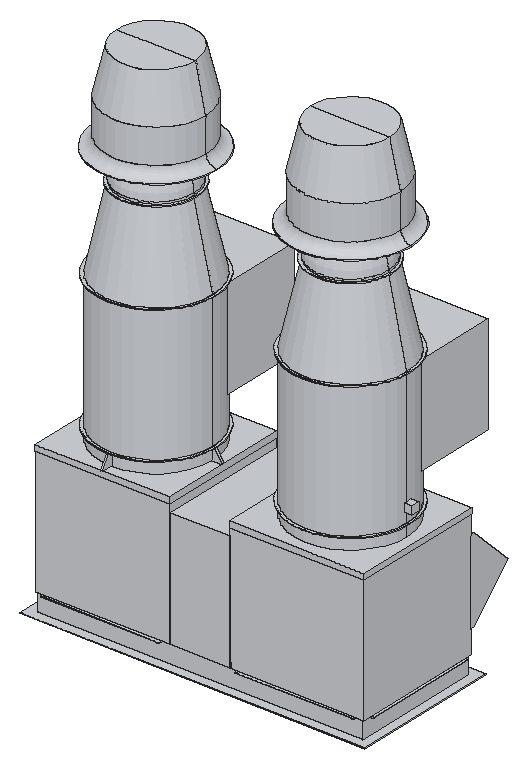
Revit family "QMXVP_with_1X2_Mixing_Box_Sides", category Mechanical Equipment, Revit 2019 (continued)
Types (225): name | UNIT_RADIUS+4" | UNIT_RADIUS*.6 | UNIT_RADIUS | UNIT_RAD+((A/2)+.25")+4" | UNIT_RAD+((A/2)+.25") | UNIT_OD | UNIT_HEIGHT*.75 | UNIT_HEIGHT | TYPE | TRANSITION_TOP | RO2/2 | RO/2 | RO | NOZZLE_WB_RAD-2" | NOZZLE_WB_RAD | NOZZLE_WB/4 | NOZZLE_TOP_RAD | NOZZLE_TOP_OD | NOZZLE_SIZE | NOZZLE_HEIGHT/7*2 | NOZZLE_HEIGHT | NOZZLE_BOTTOM_RAD | NOZZLE_WB_OD | NOZZLE_BOTTOM_ID | MB_HT/2 | MB_HT-2.75" | MB_HT+.25" | MB_HT | MB_A | LONG_RO | GA | E | DUAL_G | DUAL_F+1" | DUAL_F | C/2 | C | B/2 | B | A/2 | A+.5 | A | Type Comments | Model | -A | (NOZZLE_WB_OD-NOZZLE_TOP_OD)/2 | (NOZZLE_HEIGHT-(NOZZLE_HEIGHT/8*2))/2 | (A/2)+.25"
  180_QMXHPVP-15H-1X2_Mixing_Box_Sides | 16 13/16" | 11 17/32" | 12 13/16" | 34 1/16" | 30 1/16" | 25 5/8" | 26 1/4" | 35" | 12" | 51 1/8" | 13 15/32" | 13 15/32" | 26 15/16" | 16" | 18" | 7.2" | 11 1/2" | 23" | 180" | 10 3/4" | 43" | 10 11/16" | 36" | 21 3/8" | 18 27/32" | 34 15/16" | 37 15/16" | 37 11/16" | 44" | 77 1/16" | 27/256" | 33 1/8" | 83 5/16" | 85" | 84" | 23" | 46" | 49" | 98" | 17" | 34 1/2" | 34" | "Vari-Plume Laboratory Exhaust Mixed-Flow High Pressure Inline Belt Drive With 1X2 Mixing Box With Weather Hoods On Sides\r\n" | "QMXHPVP-1X2_Mixing Box_Sides" | -34" | 3 1/4" | 16 1/8" | 17 1/4"
  180_QMXHPVP-15L-1X2_Mixing_Box_Sides | 16 13/16" | 11 17/32" | 12 13/16" | 34 1/16" | 30 1/16" | 25 5/8" | 26 1/4" | 35" | 12" | 51 1/8" | 13 15/32" | 13 15/32" | 26 15/16" | 16" | 18" | 7.2" | 11 1/2" | 23" | 180" | 10 3/4" | 43" | 10 11/16" | 36" | 21 3/8" | 18 27/32" | 34 15/16" | 37 15/16" | 37 11/16" | 44" | 77 1/16" | 27/256" | 33 1/8" | 83 5/16" | 85" | 84" | 23" | 46" | 49" | 98" | 17" | 34 1/2" | 34" | "Vari-Plume Laboratory Exhaust Mixed-Flow High Pressure Inline Belt Drive With 1X2 Mixing Box With Weather Hoods On Sides\r\n" | "QMXHPVP-1X2_Mixing Box_Sides" | -34" | 3 1/4" | 16 1/8" | 17 1/4"
  180_QMXHPVP-18H-1X2_Mixing_Box_Sides | 16 13/16" | 11 17/32" | 12 13/16" | 34 1/16" | 30 1/16" | 25 5/8" | 26 1/4" | 35" | 12" | 48 1/2" | 13 15/32" | 13 15/32" | 26 15/16" | 19 1/2" | 21 1/2" | 8.6" | 13 3/4" | 27 1/2" | 216" | 12" | 48" | 12 13/16" | 43" | 25 5/8" | 18 27/32" | 34 15/16" | 37 15/16" | 37 11/16" | 44" | 77 1/16" | 27/256" | 33 1/8" | 83 5/16" | 85" | 84" | 23" | 46" | 49" | 98" | 17" | 34 1/2" | 34" | "Vari-Plume Laboratory Exhaust Mixed-Flow High Pressure Inline Belt Drive With 1X2 Mixing Box With Weather Hoods On Sides\r\n" | "QMXHPVP-1X2_Mixing Box_Sides" | -34" | 3 7/8" | 18" | 17 1/4"
  180_QMXHPVP-18L-1X2_Mixing_Box_Sides | 16 13/16" | 11 17/32" | 12 13/16" | 34 1/16" | 30 1/16" | 25 5/8" | 26 1/4" | 35" | 12" | 48 1/2" | 13 15/32" | 13 15/32" | 26 15/16" | 19 1/2" | 21 1/2" | 8.6" | 13 3/4" | 27 1/2" | 216" | 12" | 48" | 12 13/16" | 43" | 25 5/8" | 18 27/32" | 34 15/16" | 37 15/16" | 37 11/16" | 44" | 77 1/16" | 27/256" | 33 1/8" | 83 5/16" | 85" | 84" | 23" | 46" | 49" | 98" | 17" | 34 1/2" | 34" | "Vari-Plume Laboratory Exhaust Mixed-Flow High Pressure Inline Belt Drive With 1X2 Mixing Box With Weather Hoods On Sides\r\n" | "QMXHPVP-1X2_Mixing Box_Sides" | -34" | 3 7/8" | 18" | 17 1/4"
  202_QMXHPVP-12H-1X2_Mixing_Box_Sides | 18 3/8" | 12 15/16" | 14 3/8" | 37 5/8" | 33 5/8" | 28 3/4" | 28 1/8" | 37 1/2" | 12" | 67 9/16" | 15 3/8" | 15 3/8" | 30 3/4" | 12" | 14" | 5.6" | 9 3/4" | 19 1/2" | 144" | 8" | 32" | 8 17/32" | 28" | 17 1/16" | 20 19/32" | 38 7/16" | 41 7/16" | 41 3/16" | 49" | 82 7/8" | 27/256" | 36 15/16" | 89 1/8" | 91" | 90" | 25" | 50" | 52" | 104" | 19" | 38 1/2" | 38" | "Vari-Plume Laboratory Exhaust Mixed-Flow High Pressure Inline Belt Drive With 1X2 Mixing Box With Weather Hoods On Sides\r\n" | "QMXHPVP-1X2_Mixing Box_Sides" | -38" | 2 1/8" | 12" | 19 1/4"
  202_QMXHPVP-12L-1X2_Mixing_Box_Sides | 18 3/8" | 12 15/16" | 14 3/8" | 37 5/8" | 33 5/8" | 28 3/4" | 28 1/8" | 37 1/2" | 12" | 67 9/16" | 15 3/8" | 15 3/8" | 30 3/4" | 12" | 14" | 5.6" | 9 3/4" | 19 1/2" | 144" | 8" | 32" | 8 17/32" | 28" | 17 1/16" | 20 19/32" | 38 7/16" | 41 7/16" | 41 3/16" | 49" | 82 7/8" | 27/256" | 36 15/16" | 89 1/8" | 91" | 90" | 25" | 50" | 52" | 104" | 19" | 38 1/2" | 38" | "Vari-Plume Laboratory Exhaust Mixed-Flow High Pressure Inline Belt Drive With 1X2 Mixing Box With Weather Hoods On Sides\r\n" | "QMXHPVP-1X2_Mixing Box_Sides" | -38" | 2 1/8" | 12" | 19 1/4"
  202_QMXHPVP-15H-1X2_Mixing_Box_Sides | 18 3/8" | 12 15/16" | 14 3/8" | 37 5/8" | 33 5/8" | 28 3/4" | 28 1/8" | 37 1/2" | 12" | 59 5/8" | 15 3/8" | 15 3/8" | 30 3/4" | 16" | 18" | 7.2" | 11 1/2" | 23" | 180" | 10 3/4" | 43" | 10 11/16" | 36" | 21 3/8" | 20 19/32" | 38 7/16" | 41 7/16" | 41 3/16" | 49" | 82 7/8" | 27/256" | 36 15/16" | 89 1/8" | 91" | 90" | 25" | 50" | 52" | 104" | 19" | 38 1/2" | 38" | "Vari-Plume Laboratory Exhaust Mixed-Flow High Pressure Inline Belt Drive With 1X2 Mixing Box With Weather Hoods On Sides\r\n" | "QMXHPVP-1X2_Mixing Box_Sides" | -38" | 3 1/4" | 16 1/8" | 19 1/4"
  202_QMXHPVP-15L-1X2_Mixing_Box_Sides | 18 3/8" | 12 15/16" | 14 3/8" | 37 5/8" | 33 5/8" | 28 3/4" | 28 1/8" | 37 1/2" | 12" | 59 5/8" | 15 3/8" | 15 3/8" | 30 3/4" | 16" | 18" | 7.2" | 11 1/2" | 23" | 180" | 10 3/4" | 43" | 10 11/16" | 36" | 21 3/8" | 20 19/32" | 38 7/16" | 41 7/16" | 41 3/16" | 49" | 82 7/8" | 27/256" | 36 15/16" | 89 1/8" | 91" | 90" | 25" | 50" | 52" | 104" | 19" | 38 1/2" | 38" | "Vari-Plume Laboratory Exhaust Mixed-Flow High Pressure Inline Belt Drive With 1X2 Mixing Box With Weather Hoods On Sides\r\n" | "QMXHPVP-1X2_Mixing Box_Sides" | -38" | 3 1/4" | 16 1/8" | 19 1/4"
  202_QMXHPVP-18H-1X2_Mixing_Box_Sides | 18 3/8" | 12 15/16" | 14 3/8" | 37 5/8" | 33 5/8" | 28 3/4" | 28 1/8" | 37 1/2" | 12" | 51 5/8" | 15 3/8" | 15 3/8" | 30 3/4" | 19 1/2" | 21 1/2" | 8.6" | 13 3/4" | 27 1/2" | 216" | 12" | 48" | 12 13/16" | 43" | 25 5/8" | 20 19/32" | 38 7/16" | 41 7/16" | 41 3/16" | 49" | 82 7/8" | 27/256" | 36 15/16" | 89 1/8" | 91" | 90" | 25" | 50" | 52" | 104" | 19" | 38 1/2" | 38" | "Vari-Plume Laboratory Exhaust Mixed-Flow High Pressure Inline Belt Drive With 1X2 Mixing Box With Weather Hoods On Sides\r\n" | "QMXHPVP-1X2_Mixing Box_Sides" | -38" | 3 7/8" | 18" | 19 1/4"
  202_QMXHPVP-18L-1X2_Mixing_Box_Sides | 18 3/8" | 12 15/16" | 14 3/8" | 37 5/8" | 33 5/8" | 28 3/4" | 28 1/8" | 37 1/2" | 12" | 51 5/8" | 15 3/8" | 15 3/8" | 30 3/4" | 19 1/2" | 21 1/2" | 8.6" | 13 3/4" | 27 1/2" | 216" | 12" | 48" | 12 13/16" | 43" | 25 5/8" | 20 19/32" | 38 7/16" | 41 7/16" | 41 3/16" | 49" | 82 7/8" | 27/256" | 36 15/16" | 89 1/8" | 91" | 90" | 25" | 50" | 52" | 104" | 19" | 38 1/2" | 38" | "Vari-Plume Laboratory Exhaust Mixed-Flow High Pressure Inline Belt Drive With 1X2 Mixing Box With Weather Hoods On Sides\r\n" | "QMXHPVP-1X2_Mixing Box_Sides" | -38" | 3 7/8" | 18" | 19 1/4"
  225_QMXHPVP-12H-1X2_Mixing_Box_Sides | 19 31/32" | 14.37188" | 15 31/32" | 41 7/32" | 37 7/32" | 31 15/16" | 30 3/4" | 41" | 12" | 77 1/16" | 17 3/8" | 17 3/8" | 34 3/4" | 12" | 14" | 5.6" | 9 3/4" | 19 1/2" | 144" | 8" | 32" | 8 17/32" | 28" | 17 1/16" | 21 19/32" | 40 7/16" | 43 7/16" | 43 3/16" | 54" | 85 7/8" | 27/256" | 40 15/16" | 92 1/8" | 94" | 93" | 28" | 56" | 56 1/2" | 113" | 21" | 42 1/2" | 42" | "Vari-Plume Laboratory Exhaust Mixed-Flow High Pressure Inline Belt Drive With 1X2 Mixing Box With Weather Hoods On Sides\r\n" | "QMXHPVP-1X2_Mixing Box_Sides" | -42" | 2 1/8" | 12" | 21 1/4"
  225_QMXHPVP-12L-1X2_Mixing_Box_Sides | 19 31/32" | 14.37188" | 15 31/32" | 41 7/32" | 37 7/32" | 31 15/16" | 30 3/4" | 41" | 12" | 77 1/16" | 17 3/8" | 17 3/8" | 34 3/4" | 12" | 14" | 5.6" | 9 3/4" | 19 1/2" | 144" | 8" | 32" | 8 17/32" | 28" | 17 1/16" | 21 19/32" | 40 7/16" | 43 7/16" | 43 3/16" | 54" | 85 7/8" | 27/256" | 40 15/16" | 92 1/8" | 94" | 93" | 28" | 56" | 56 1/2" | 113" | 21" | 42 1/2" | 42" | "Vari-Plume Laboratory Exhaust Mixed-Flow High Pressure Inline Belt Drive With 1X2 Mixing Box With Weather Hoods On Sides\r\n" | "QMXHPVP-1X2_Mixing Box_Sides" | -42" | 2 1/8" | 12" | 21 1/4"
  225_QMXHPVP-15H-1X2_Mixing_Box_Sides | 19 31/32" | 14.37188" | 15 31/32" | 41 7/32" | 37 7/32" | 31 15/16" | 30 3/4" | 41" | 12" | 69 1/8" | 17 3/8" | 17 3/8" | 34 3/4" | 16" | 18" | 7.2" | 11 1/2" | 23" | 180" | 10 3/4" | 43" | 10 11/16" | 36" | 21 3/8" | 21 19/32" | 40 7/16" | 43 7/16" | 43 3/16" | 54" | 85 7/8" | 27/256" | 40 15/16" | 92 1/8" | 94" | 93" | 28" | 56" | 56 1/2" | 113" | 21" | 42 1/2" | 42" | "Vari-Plume Laboratory Exhaust Mixed-Flow High Pressure Inline Belt Drive With 1X2 Mixing Box With Weather Hoods On Sides\r\n" | "QMXHPVP-1X2_Mixing Box_Sides" | -42" | 3 1/4" | 16 1/8" | 21 1/4"
  225_QMXHPVP-15L-1X2_Mixing_Box_Sides | 19 31/32" | 14.37188" | 15 31/32" | 41 7/32" | 37 7/32" | 31 15/16" | 30 3/4" | 41" | 12" | 69 1/8" | 17 3/8" | 17 3/8" | 34 3/4" | 16" | 18" | 7.2" | 11 1/2" | 23" | 180" | 10 3/4" | 43" | 10 11/16" | 36" | 21 3/8" | 21 19/32" | 40 7/16" | 43 7/16" | 43 3/16" | 54" | 85 7/8" | 27/256" | 40 15/16" | 92 1/8" | 94" | 93" | 28" | 56" | 56 1/2" | 113" | 21" | 42 1/2" | 42" | "Vari-Plume Laboratory Exhaust Mixed-Flow High Pressure Inline Belt Drive With 1X2 Mixing Box With Weather Hoods On Sides\r\n" | "QMXHPVP-1X2_Mixing Box_Sides" | -42" | 3 1/4" | 16 1/8" | 21 1/4"
  225_QMXVP-18H-1X2_Mixing_Box_Sides | 19 31/32" | 14.37188" | 15 31/32" | 41 7/32" | 37 7/32" | 31 15/16" | 30 3/4" | 41" | 0" | 61 1/8" | 17 3/8" | 17 3/8" | 34 3/4" | 19 1/2" | 21 1/2" | 8.6" | 13 3/4" | 27 1/2" | 216" | 12" | 48" | 12 13/16" | 43" | 25 5/8" | 21 19/32" | 40 7/16" | 43 7/16" | 43 3/16" | 54" | 85 7/8" | 27/256" | 40 15/16" | 92 1/8" | 94" | 93" | 28" | 56" | 56 1/2" | 113" | 21" | 42 1/2" | 42" | "Vari-Plume Laboratory Exhaust Mixed-Flow Inline Belt Drive With 1X2 Mixing Box With Weather Hoods On Sides\r\n" | "QMXVP-1X2_Mixing Box_Sides" | -42" | 3 7/8" | 18" | 21 1/4"
  225_QMXHPVP-18L-1X2_Mixing_Box_Sides | 19 31/32" | 14.37188" | 15 31/32" | 41 7/32" | 37 7/32" | 31 15/16" | 30 3/4" | 41" | 12" | 61 1/8" | 17 3/8" | 17 3/8" | 34 3/4" | 19 1/2" | 21 1/2" | 8.6" | 13 3/4" | 27 1/2" | 216" | 12" | 48" | 12 13/16" | 43" | 25 5/8" | 21 19/32" | 40 7/16" | 43 7/16" | 43 3/16" | 54" | 85 7/8" | 27/256" | 40 15/16" | 92 1/8" | 94" | 93" | 28" | 56" | 56 1/2" | 113" | 21" | 42 1/2" | 42" | "Vari-Plume Laboratory Exhaust Mixed-Flow High Pressure Inline Belt Drive With 1X2 Mixing Box With Weather Hoods On Sides\r\n" | "QMXHPVP-1X2_Mixing Box_Sides" | -42" | 3 7/8" | 18" | 21 1/4"
  225_QMXHPVP-18H-1X2_Mixing_Box_Sides | 19 31/32" | 14.37188" | 15 31/32" | 41 7/32" | 37 7/32" | 31 15/16" | 30 3/4" | 41" | 12" | 61 1/8" | 17 3/8" | 17 3/8" | 34 3/4" | 19 1/2" | 21 1/2" | 8.6" | 13 3/4" | 27 1/2" | 216" | 12" | 48" | 12 13/16" | 43" | 25 5/8" | 21 19/32" | 40 7/16" | 43 7/16" | 43 3/16" | 54" | 85 7/8" | 27/256" | 40 15/16" | 92 1/8" | 94" | 93" | 28" | 56" | 56 1/2" | 113" | 21" | 42 1/2" | 42" | "Vari-Plume Laboratory Exhaust Mixed-Flow High Pressure Inline Belt Drive With 1X2 Mixing Box With Weather Hoods On Sides\r\n" | "QMXHPVP-1X2_Mixing Box_Sides" | -42" | 3 7/8" | 18" | 21 1/4"
  245_QMXHPVP-15H-1X2_Mixing_Box_Sides | 21 3/8" | 15.6375" | 17 3/8" | 43 5/8" | 39 5/8" | 34 3/4" | 33 3/8" | 44 1/2" | 12" | 77 11/16" | 18 3/8" | 18 3/8" | 36 3/4" | 16" | 18" | 7.2" | 11 1/2" | 23" | 180" | 10 3/4" | 43" | 10 11/16" | 36" | 21 3/8" | 22 23/32" | 42 11/16" | 45 11/16" | 45 7/16" | 57" | 100 7/8" | 27/256" | 42 15/16" | 107 1/8" | 109" | 108" | 29 1/2" | 59" | 60 1/2" | 121" | 22" | 44 1/2" | 44" | "Vari-Plume Laboratory Exhaust Mixed-Flow High Pressure Inline Belt Drive With 1X2 Mixing Box With Weather Hoods On Sides\r\n" | "QMXHPVP-1X2_Mixing Box_Sides" | -44" | 3 1/4" | 16 1/8" | 22 1/4"
  245_QMXHPVP-15L-1X2_Mixing_Box_Sides | 21 3/8" | 15.6375" | 17 3/8" | 43 5/8" | 39 5/8" | 34 3/4" | 33 3/8" | 44 1/2" | 12" | 77 11/16" | 18 3/8" | 18 3/8" | 36 3/4" | 16" | 18" | 7.2" | 11 1/2" | 23" | 180" | 10 3/4" | 43" | 10 11/16" | 36" | 21 3/8" | 22 23/32" | 42 11/16" | 45 11/16" | 45 7/16" | 57" | 100 7/8" | 27/256" | 42 15/16" | 107 1/8" | 109" | 108" | 29 1/2" | 59" | 60 1/2" | 121" | 22" | 44 1/2" | 44" | "Vari-Plume Laboratory Exhaust Mixed-Flow High Pressure Inline Belt Drive With 1X2 Mixing Box With Weather Hoods On Sides\r\n" | "QMXHPVP-1X2_Mixing Box_Sides" | -44" | 3 1/4" | 16 1/8" | 22 1/4"
  245_QMXHPVP-18H-1X2_Mixing_Box_Sides | 21 3/8" | 15.6375" | 17 3/8" | 43 5/8" | 39 5/8" | 34 3/4" | 33 3/8" | 44 1/2" | 12" | 69 11/16" | 18 3/8" | 18 3/8" | 36 3/4" | 19 1/2" | 21 1/2" | 8.6" | 13 3/4" | 27 1/2" | 216" | 12" | 48" | 12 13/16" | 43" | 25 5/8" | 22 23/32" | 42 11/16" | 45 11/16" | 45 7/16" | 57" | 100 7/8" | 27/256" | 42 15/16" | 107 1/8" | 109" | 108" | 29 1/2" | 59" | 60 1/2" | 121" | 22" | 44 1/2" | 44" | "Vari-Plume Laboratory Exhaust Mixed-Flow High Pressure Inline Belt Drive With 1X2 Mixing Box With Weather Hoods On Sides\r\n" | "QMXHPVP-1X2_Mixing Box_Sides" | -44" | 3 7/8" | 18" | 22 1/4"
  245_QMXHPVP-18L-1X2_Mixing_Box_Sides | 21 3/8" | 15.6375" | 17 3/8" | 43 5/8" | 39 5/8" | 34 3/4" | 33 3/8" | 44 1/2" | 12" | 69 11/16" | 18 3/8" | 18 3/8" | 36 3/4" | 19 1/2" | 21 1/2" | 8.6" | 13 3/4" | 27 1/2" | 216" | 12" | 48" | 12 13/16" | 43" | 25 5/8" | 22 23/32" | 42 11/16" | 45 11/16" | 45 7/16" | 57" | 100 7/8" | 27/256" | 42 15/16" | 107 1/8" | 109" | 108" | 29 1/2" | 59" | 60 1/2" | 121" | 22" | 44 1/2" | 44" | "Vari-Plume Laboratory Exhaust Mixed-Flow High Pressure Inline Belt Drive With 1X2 Mixing Box With Weather Hoods On Sides\r\n" | "QMXHPVP-1X2_Mixing Box_Sides" | -44" | 3 7/8" | 18" | 22 1/4"
  245_QMXHPVP-24H-1X2_Mixing_Box_Sides | 21 3/8" | 15.6375" | 17 3/8" | 43 5/8" | 39 5/8" | 34 3/4" | 33 3/8" | 44 1/2" | 12" | 57 3/4" | 18 3/8" | 18 3/8" | 36 3/4" | 28 1/2" | 30 1/2" | 12.2" | 18 1/4" | 36 1/2" | 288" | 15 1/2" | 62" | 17 3/8" | 61" | 34 3/4" | 22 23/32" | 42 11/16" | 45 11/16" | 45 7/16" | 57" | 100 7/8" | 27/256" | 42 15/16" | 107 1/8" | 109" | 108" | 29 1/2" | 59" | 60 1/2" | 121" | 22" | 44 1/2" | 44" | "Vari-Plume Laboratory Exhaust Mixed-Flow High Pressure Inline Belt Drive With 1X2 Mixing Box With Weather Hoods On Sides\r\n" | "QMXHPVP-1X2_Mixing Box_Sides" | -44" | 6 1/8" | 23 1/4" | 22 1/4"
  245_QMXHPVP-24L-1X2_Mixing_Box_Sides | 21 3/8" | 15.6375" | 17 3/8" | 43 5/8" | 39 5/8" | 34 3/4" | 33 3/8" | 44 1/2" | 12" | 57 3/4" | 18 3/8" | 18 3/8" | 36 3/4" | 28 1/2" | 30 1/2" | 12.2" | 18 1/4" | 36 1/2" | 288" | 15 1/2" | 62" | 17 3/8" | 61" | 34 3/4" | 22 23/32" | 42 11/16" | 45 11/16" | 45 7/16" | 57" | 100 7/8" | 27/256" | 42 15/16" | 107 1/8" | 109" | 108" | 29 1/2" | 59" | 60 1/2" | 121" | 22" | 44 1/2" | 44" | "Vari-Plume Laboratory Exhaust Mixed-Flow High Pressure Inline Belt Drive With 1X2 Mixing Box With Weather Hoods On Sides\r\n" | "QMXHPVP-1X2_Mixing Box_Sides" | -44" | 6 1/8" | 23 1/4" | 22 1/4"
  270_QMXHPVP-15H-1X2_Mixing_Box_Sides | 23 5/32" | 17.24063" | 19 5/32" | 47 13/32" | 43 13/32" | 38 5/16" | 35 1/4" | 47" | 12" | 86 3/16" | 20 3/8" | 20 3/8" | 40 3/4" | 16" | 18" | 7.2" | 11 1/2" | 23" | 180" | 10 3/4" | 43" | 10 11/16" | 36" | 21 3/8" | 23 19/32" | 44 7/16" | 47 7/16" | 47 3/16" | 62" | 104 7/8" | 27/256" | 46 15/16" | 111 1/8" | 113" | 112" | 31 1/2" | 63" | 64" | 128" | 24" | 48 1/2" | 48" | "Vari-Plume Laboratory Exhaust Mixed-Flow High Pressure Inline Belt Drive With 1X2 Mixing Box With Weather Hoods On Sides\r\n" | "QMXHPVP-1X2_Mixing Box_Sides" | -48" | 3 1/4" | 16 1/8" | 24 1/4"
  270_QMXHPVP-15L-1X2_Mixing_Box_Sides | 23 5/32" | 17.24063" | 19 5/32" | 47 13/32" | 43 13/32" | 38 5/16" | 35 1/4" | 47" | 12" | 86 3/16" | 20 3/8" | 20 3/8" | 40 3/4" | 16" | 18" | 7.2" | 11 1/2" | 23" | 180" | 10 3/4" | 43" | 10 11/16" | 36" | 21 3/8" | 23 19/32" | 44 7/16" | 47 7/16" | 47 3/16" | 62" | 104 7/8" | 27/256" | 46 15/16" | 111 1/8" | 113" | 112" | 31 1/2" | 63" | 64" | 128" | 24" | 48 1/2" | 48" | "Vari-Plume Laboratory Exhaust Mixed-Flow High Pressure Inline Belt Drive With 1X2 Mixing Box With Weather Hoods On Sides\r\n" | "QMXHPVP-1X2_Mixing Box_Sides" | -48" | 3 1/4" | 16 1/8" | 24 1/4"
  270_QMXHPVP-18H-1X2_Mixing_Box_Sides | 23 5/32" | 17.24063" | 19 5/32" | 47 13/32" | 43 13/32" | 38 5/16" | 35 1/4" | 47" | 12" | 79 3/16" | 20 3/8" | 20 3/8" | 40 3/4" | 19 1/2" | 21 1/2" | 8.6" | 13 3/4" | 27 1/2" | 216" | 12" | 48" | 12 13/16" | 43" | 25 5/8" | 23 19/32" | 44 7/16" | 47 7/16" | 47 3/16" | 62" | 104 7/8" | 27/256" | 46 15/16" | 111 1/8" | 113" | 112" | 31 1/2" | 63" | 64" | 128" | 24" | 48 1/2" | 48" | "Vari-Plume Laboratory Exhaust Mixed-Flow High Pressure Inline Belt Drive With 1X2 Mixing Box With Weather Hoods On Sides\r\n" | "QMXHPVP-1X2_Mixing Box_Sides" | -48" | 3 7/8" | 18" | 24 1/4"
  270_QMXHPVP-18L-1X2_Mixing_Box_Sides | 23 5/32" | 17.24063" | 19 5/32" | 47 13/32" | 43 13/32" | 38 5/16" | 35 1/4" | 47" | 12" | 79 3/16" | 20 3/8" | 20 3/8" | 40 3/4" | 19 1/2" | 21 1/2" | 8.6" | 13 3/4" | 27 1/2" | 216" | 12" | 48" | 12 13/16" | 43" | 25 5/8" | 23 19/32" | 44 7/16" | 47 7/16" | 47 3/16" | 62" | 104 7/8" | 27/256" | 46 15/16" | 111 1/8" | 113" | 112" | 31 1/2" | 63" | 64" | 128" | 24" | 48 1/2" | 48" | "Vari-Plume Laboratory Exhaust Mixed-Flow High Pressure Inline Belt Drive With 1X2 Mixing Box With Weather Hoods On Sides\r\n" | "QMXHPVP-1X2_Mixing Box_Sides" | -48" | 3 7/8" | 18" | 24 1/4"
  270_QMXHPVP-24H-1X2_Mixing_Box_Sides | 23 5/32" | 17.24063" | 19 5/32" | 47 13/32" | 43 13/32" | 38 5/16" | 35 1/4" | 47" | 12" | 62 1/4" | 20 3/8" | 20 3/8" | 40 3/4" | 28 1/2" | 30 1/2" | 12.2" | 18 1/4" | 36 1/2" | 288" | 15 1/2" | 62" | 17 3/8" | 61" | 34 3/4" | 23 19/32" | 44 7/16" | 47 7/16" | 47 3/16" | 62" | 104 7/8" | 27/256" | 46 15/16" | 111 1/8" | 113" | 112" | 31 1/2" | 63" | 64" | 128" | 24" | 48 1/2" | 48" | "Vari-Plume Laboratory Exhaust Mixed-Flow High Pressure Inline Belt Drive With 1X2 Mixing Box With Weather Hoods On Sides\r\n" | "QMXHPVP-1X2_Mixing Box_Sides" | -48" | 6 1/8" | 23 1/4" | 24 1/4"
  270_QMXHPVP-24L-1X2_Mixing_Box_Sides | 23 5/32" | 17.24063" | 19 5/32" | 47 13/32" | 43 13/32" | 38 5/16" | 35 1/4" | 47" | 12" | 62 1/4" | 20 3/8" | 20 3/8" | 40 3/4" | 28 1/2" | 30 1/2" | 12.2" | 18 1/4" | 36 1/2" | 288" | 15 1/2" | 62" | 17 3/8" | 61" | 34 3/4" | 23 19/32" | 44 7/16" | 47 7/16" | 47 3/16" | 62" | 104 7/8" | 27/256" | 46 15/16" | 111 1/8" | 113" | 112" | 31 1/2" | 63" | 64" | 128" | 24" | 48 1/2" | 48" | "Vari-Plume Laboratory Exhaust Mixed-Flow High Pressure Inline Belt Drive With 1X2 Mixing Box With Weather Hoods On Sides\r\n" | "QMXHPVP-1X2_Mixing Box_Sides" | -48" | 6 1/8" | 23 1/4" | 24 1/4"
  300_QMXHPVP-18H-1X2_Mixing_Box_Sides | 25 1/4" | 19 1/8" | 21 1/4" | 51 1/2" | 47 1/2" | 42 1/2" | 40 1/2" | 54" | 12" | 94 3/16" | 22 3/8" | 22 3/8" | 44 3/4" | 19 1/2" | 21 1/2" | 8.6" | 13 3/4" | 27 1/2" | 216" | 12" | 48" | 12 13/16" | 43" | 25 5/8" | 25 7/32" | 47 11/16" | 50 11/16" | 50 7/16" | 68" | 124 7/8" | 27/256" | 50 15/16" | 131 1/8" | 133" | 132" | 33 1/2" | 67" | 74" | 148" | 26" | 52 1/2" | 52" | "Vari-Plume Laboratory Exhaust Mixed-Flow High Pressure Inline Belt Drive With 1X2 Mixing Box With Weather Hoods On Sides\r\n" | "QMXHPVP-1X2_Mixing Box_Sides" | -52" | 3 7/8" | 18" | 26 1/4"
  300_QMXHPVP-18L-1X2_Mixing_Box_Sides | 25 1/4" | 19 1/8" | 21 1/4" | 51 1/2" | 47 1/2" | 42 1/2" | 40 1/2" | 54" | 12" | 94 3/16" | 22 3/8" | 22 3/8" | 44 3/4" | 19 1/2" | 21 1/2" | 8.6" | 13 3/4" | 27 1/2" | 216" | 12" | 48" | 12 13/16" | 43" | 25 5/8" | 25 7/32" | 47 11/16" | 50 11/16" | 50 7/16" | 68" | 124 7/8" | 27/256" | 50 15/16" | 131 1/8" | 133" | 132" | 33 1/2" | 67" | 74" | 148" | 26" | 52 1/2" | 52" | "Vari-Plume Laboratory Exhaust Mixed-Flow High Pressure Inline Belt Drive With 1X2 Mixing Box With Weather Hoods On Sides\r\n" | "QMXHPVP-1X2_Mixing Box_Sides" | -52" | 3 7/8" | 18" | 26 1/4"
  300_QMXHPVP-24H-1X2_Mixing_Box_Sides | 25 1/4" | 19 1/8" | 21 1/4" | 51 1/2" | 47 1/2" | 42 1/2" | 40 1/2" | 54" | 12" | 77 1/4" | 22 3/8" | 22 3/8" | 44 3/4" | 28 1/2" | 30 1/2" | 12.2" | 18 1/4" | 36 1/2" | 288" | 15 1/2" | 62" | 17 3/8" | 61" | 34 3/4" | 25 7/32" | 47 11/16" | 50 11/16" | 50 7/16" | 68" | 124 7/8" | 27/256" | 50 15/16" | 131 1/8" | 133" | 132" | 33 1/2" | 67" | 74" | 148" | 26" | 52 1/2" | 52" | "Vari-Plume Laboratory Exhaust Mixed-Flow High Pressure Inline Belt Drive With 1X2 Mixing Box With Weather Hoods On Sides\r\n" | "QMXHPVP-1X2_Mixing Box_Sides" | -52" | 6 1/8" | 23 1/4" | 26 1/4"
  300_QMXHPVP-24L-1X2_Mixing_Box_Sides | 25 1/4" | 19 1/8" | 21 1/4" | 51 1/2" | 47 1/2" | 42 1/2" | 40 1/2" | 54" | 12" | 77 1/4" | 22 3/8" | 22 3/8" | 44 3/4" | 28 1/2" | 30 1/2" | 12.2" | 18 1/4" | 36 1/2" | 288" | 15 1/2" | 62" | 17 3/8" | 61" | 34 3/4" | 25 7/32" | 47 11/16" | 50 11/16" | 50 7/16" | 68" | 124 7/8" | 27/256" | 50 15/16" | 131 1/8" | 133" | 132" | 33 1/2" | 67" | 74" | 148" | 26" | 52 1/2" | 52" | "Vari-Plume Laboratory Exhaust Mixed-Flow High Pressure Inline Belt Drive With 1X2 Mixing Box With Weather Hoods On Sides\r\n" | "QMXHPVP-1X2_Mixing Box_Sides" | -52" | 6 1/8" | 23 1/4" | 26 1/4"
  300_QMXHPVP-30H-1X2_Mixing_Box_Sides | 25 1/4" | 19 1/8" | 21 1/4" | 51 1/2" | 47 1/2" | 42 1/2" | 40 1/2" | 54" | 12" | 68 1/4" | 22 3/8" | 22 3/8" | 44 3/4" | 35" | 37" | 14.8" | 22 3/4" | 45 1/2" | 360" | 19 1/2" | 78" | 21 1/4" | 74" | 42 1/2" | 25 7/32" | 47 11/16" | 50 11/16" | 50 7/16" | 68" | 124 7/8" | 27/256" | 50 15/16" | 131 1/8" | 133" | 132" | 33 1/2" | 67" | 74" | 148" | 26" | 52 1/2" | 52" | "Vari-Plume Laboratory Exhaust Mixed-Flow High Pressure Inline Belt Drive With 1X2 Mixing Box With Weather Hoods On Sides\r\n" | "QMXHPVP-1X2_Mixing Box_Sides" | -52" | 7 1/8" | 29 1/4" | 26 1/4"
  300_QMXHPVP-30L-1X2_Mixing_Box_Sides | 25 1/4" | 19 1/8" | 21 1/4" | 51 1/2" | 47 1/2" | 42 1/2" | 40 1/2" | 54" | 12" | 68 1/4" | 22 3/8" | 22 3/8" | 44 3/4" | 35" | 37" | 14.8" | 22 3/4" | 45 1/2" | 360" | 19 1/2" | 78" | 21 1/4" | 74" | 42 1/2" | 25 7/32" | 47 11/16" | 50 11/16" | 50 7/16" | 68" | 124 7/8" | 27/256" | 50 15/16" | 131 1/8" | 133" | 132" | 33 1/2" | 67" | 74" | 148" | 26" | 52 1/2" | 52" | "Vari-Plume Laboratory Exhaust Mixed-Flow High Pressure Inline Belt Drive With 1X2 Mixing Box With Weather Hoods On Sides\r\n" | "QMXHPVP-1X2_Mixing Box_Sides" | -52" | 7 1/8" | 29 1/4" | 26 1/4"
  330_QMXHPVP-24H-1X2_Mixing_Box_Sides | 27 3/8" | 21.0375" | 23 3/8" | 55 5/8" | 51 5/8" | 46 3/4" | 43 7/8" | 58 1/2" | 12" | 89 3/4" | 24 5/16" | 24 5/16" | 48 5/8" | 28 1/2" | 30 1/2" | 12.2" | 18 1/4" | 36 1/2" | 288" | 15 1/2" | 62" | 17 3/8" | 61" | 34 3/4" | 26 27/32" | 50 15/16" | 53 15/16" | 53 11/16" | 73" | 128 7/8" | 27/256" | 54 13/16" | 135 1/8" | 137" | 136" | 36 1/2" | 73" | 77" | 154" | 28" | 56 1/2" | 56" | "Vari-Plume Laboratory Exhaust Mixed-Flow High Pressure Inline Belt Drive With 1X2 Mixing Box With Weather Hoods On Sides\r\n" | "QMXHPVP-1X2_Mixing Box_Sides" | -56" | 6 1/8" | 23 1/4" | 28 1/4"
  330_QMXHPVP-24L-1X2_Mixing_Box_Sides | 27 3/8" | 21.0375" | 23 3/8" | 55 5/8" | 51 5/8" | 46 3/4" | 43 7/8" | 58 1/2" | 12" | 89 3/4" | 24 5/16" | 24 5/16" | 48 5/8" | 28 1/2" | 30 1/2" | 12.2" | 18 1/4" | 36 1/2" | 288" | 15 1/2" | 62" | 17 3/8" | 61" | 34 3/4" | 26 27/32" | 50 15/16" | 53 15/16" | 53 11/16" | 73" | 128 7/8" | 27/256" | 54 13/16" | 135 1/8" | 137" | 136" | 36 1/2" | 73" | 77" | 154" | 28" | 56 1/2" | 56" | "Vari-Plume Laboratory Exhaust Mixed-Flow High Pressure Inline Belt Drive With 1X2 Mixing Box With Weather Hoods On Sides\r\n" | "QMXHPVP-1X2_Mixing Box_Sides" | -56" | 6 1/8" | 23 1/4" | 28 1/4"
  330_QMXHPVP-30H-1X2_Mixing_Box_Sides | 27 3/8" | 21.0375" | 23 3/8" | 55 5/8" | 51 5/8" | 46 3/4" | 43 7/8" | 58 1/2" | 12" | 74 3/4" | 24 5/16" | 24 5/16" | 48 5/8" | 35" | 37" | 14.8" | 22 3/4" | 45 1/2" | 360" | 19 1/2" | 78" | 21 1/4" | 74" | 42 1/2" | 26 27/32" | 50 15/16" | 53 15/16" | 53 11/16" | 73" | 128 7/8" | 27/256" | 54 13/16" | 135 1/8" | 137" | 136" | 36 1/2" | 73" | 77" | 154" | 28" | 56 1/2" | 56" | "Vari-Plume Laboratory Exhaust Mixed-Flow High Pressure Inline Belt Drive With 1X2 Mixing Box With Weather Hoods On Sides\r\n" | "QMXHPVP-1X2_Mixing Box_Sides" | -56" | 7 1/8" | 29 1/4" | 28 1/4"
  330_QMXHPVP-30L-1X2_Mixing_Box_Sides | 27 3/8" | 21.0375" | 23 3/8" | 55 5/8" | 51 5/8" | 46 3/4" | 43 7/8" | 58 1/2" | 12" | 74 3/4" | 24 5/16" | 24 5/16" | 48 5/8" | 35" | 37" | 14.8" | 22 3/4" | 45 1/2" | 360" | 19 1/2" | 78" | 21 1/4" | 74" | 42 1/2" | 26 27/32" | 50 15/16" | 53 15/16" | 53 11/16" | 73" | 128 7/8" | 27/256" | 54 13/16" | 135 1/8" | 137" | 136" | 36 1/2" | 73" | 77" | 154" | 28" | 56 1/2" | 56" | "Vari-Plume Laboratory Exhaust Mixed-Flow High Pressure Inline Belt Drive With 1X2 Mixing Box With Weather Hoods On Sides\r\n" | "QMXHPVP-1X2_Mixing Box_Sides" | -56" | 7 1/8" | 29 1/4" | 28 1/4"
  365_QMXHPVP-24H-1X2_Mixing_Box_Sides | 29 7/8" | 23.2875" | 25 7/8" | 61 1/8" | 57 1/8" | 51 3/4" | 48" | 64" | 12" | 104 1/4" | 27 1/4" | 27 1/4" | 54 1/2" | 28 1/2" | 30 1/2" | 12.2" | 18 1/4" | 36 1/2" | 288" | 15 1/2" | 62" | 17 3/8" | 61" | 34 3/4" | 29 27/32" | 56 15/16" | 59 15/16" | 59 11/16" | 82" | 151 3/4" | 27/256" | 60 3/4" | 158" | 160" | 159" | 39 1/2" | 79" | 87 1/2" | 175" | 31" | 62 1/2" | 62" | "Vari-Plume Laboratory Exhaust Mixed-Flow High Pressure Inline Belt Drive With 1X2 Mixing Box With Weather Hoods On Sides\r\n" | "QMXHPVP-1X2_Mixing Box_Sides" | -62" | 6 1/8" | 23 1/4" | 31 1/4"
  365_QMXHPVP-24L-1X2_Mixing_Box_Sides | 29 7/8" | 23.2875" | 25 7/8" | 61 1/8" | 57 1/8" | 51 3/4" | 48" | 64" | 12" | 104 1/4" | 27 1/4" | 27 1/4" | 54 1/2" | 28 1/2" | 30 1/2" | 12.2" | 18 1/4" | 36 1/2" | 288" | 15 1/2" | 62" | 17 3/8" | 61" | 34 3/4" | 29 27/32" | 56 15/16" | 59 15/16" | 59 11/16" | 82" | 151 3/4" | 27/256" | 60 3/4" | 158" | 160" | 159" | 39 1/2" | 79" | 87 1/2" | 175" | 31" | 62 1/2" | 62" | "Vari-Plume Laboratory Exhaust Mixed-Flow High Pressure Inline Belt Drive With 1X2 Mixing Box With Weather Hoods On Sides\r\n" | "QMXHPVP-1X2_Mixing Box_Sides" | -62" | 6 1/8" | 23 1/4" | 31 1/4"
  365_QMXHPVP-30H-1X2_Mixing_Box_Sides | 29 7/8" | 23.2875" | 25 7/8" | 61 1/8" | 57 1/8" | 51 3/4" | 48" | 64" | 12" | 89 1/2" | 27 1/4" | 27 1/4" | 54 1/2" | 35" | 37" | 14.8" | 22 3/4" | 45 1/2" | 360" | 19 1/2" | 78" | 21 1/4" | 74" | 42 1/2" | 29 27/32" | 56 15/16" | 59 15/16" | 59 11/16" | 82" | 151 3/4" | 27/256" | 60 3/4" | 158" | 160" | 159" | 39 1/2" | 79" | 87 1/2" | 175" | 31" | 62 1/2" | 62" | "Vari-Plume Laboratory Exhaust Mixed-Flow High Pressure Inline Belt Drive With 1X2 Mixing Box With Weather Hoods On Sides\r\n" | "QMXHPVP-1X2_Mixing Box_Sides" | -62" | 7 1/8" | 29 1/4" | 31 1/4"
  365_QMXHPVP-30L-1X2_Mixing_Box_Sides | 29 7/8" | 23.2875" | 25 7/8" | 61 1/8" | 57 1/8" | 51 3/4" | 48" | 64" | 12" | 89 1/2" | 27 1/4" | 27 1/4" | 54 1/2" | 35" | 37" | 14.8" | 22 3/4" | 45 1/2" | 360" | 19 1/2" | 78" | 21 1/4" | 74" | 42 1/2" | 29 27/32" | 56 15/16" | 59 15/16" | 59 11/16" | 82" | 151 3/4" | 27/256" | 60 3/4" | 158" | 160" | 159" | 39 1/2" | 79" | 87 1/2" | 175" | 31" | 62 1/2" | 62" | "Vari-Plume Laboratory Exhaust Mixed-Flow High Pressure Inline Belt Drive With 1X2 Mixing Box With Weather Hoods On Sides\r\n" | "QMXHPVP-1X2_Mixing Box_Sides" | -62" | 7 1/8" | 29 1/4" | 31 1/4"
  365_QMXVP-36H-1X2_Mixing_Box_Sides | 29 7/8" | 23.2875" | 25 7/8" | 61 1/8" | 57 1/8" | 51 3/4" | 48" | 64" | 0" | 78 1/4" | 27 1/4" | 27 1/4" | 54 1/2" | 43" | 45" | 18" | 29" | 58" | 432" | 23 3/4" | 95" | 25 7/8" | 90" | 51 3/4" | 29 27/32" | 56 15/16" | 59 15/16" | 59 11/16" | 82" | 151 3/4" | 27/256" | 60 3/4" | 158" | 160" | 159" | 39 1/2" | 79" | 87 1/2" | 175" | 31" | 62 1/2" | 62" | "Vari-Plume Laboratory Exhaust Mixed-Flow Inline Belt Drive With 1X2 Mixing Box With Weather Hoods On Sides\r\n" | "QMXVP-1X2_Mixing Box_Sides" | -62" | 8" | 35 5/8" | 31 1/4"
  365_QMXHPVP-36L-1X2_Mixing_Box_Sides | 29 7/8" | 23.2875" | 25 7/8" | 61 1/8" | 57 1/8" | 51 3/4" | 48" | 64" | 12" | 78 1/4" | 27 1/4" | 27 1/4" | 54 1/2" | 43" | 45" | 18" | 29" | 58" | 432" | 23 3/4" | 95" | 25 7/8" | 90" | 51 3/4" | 29 27/32" | 56 15/16" | 59 15/16" | 59 11/16" | 82" | 151 3/4" | 27/256" | 60 3/4" | 158" | 160" | 159" | 39 1/2" | 79" | 87 1/2" | 175" | 31" | 62 1/2" | 62" | "Vari-Plume Laboratory Exhaust Mixed-Flow High Pressure Inline Belt Drive With 1X2 Mixing Box With Weather Hoods On Sides\r\n" | "QMXHPVP-1X2_Mixing Box_Sides" | -62" | 8" | 35 5/8" | 31 1/4"
  365_QMXHPVP-36H-1X2_Mixing_Box_Sides | 29 7/8" | 23.2875" | 25 7/8" | 61 1/8" | 57 1/8" | 51 3/4" | 48" | 64" | 12" | 78 1/4" | 27 1/4" | 27 1/4" | 54 1/2" | 43" | 45" | 18" | 29" | 58" | 432" | 23 3/4" | 95" | 25 7/8" | 90" | 51 3/4" | 29 27/32" | 56 15/16" | 59 15/16" | 59 11/16" | 82" | 151 3/4" | 27/256" | 60 3/4" | 158" | 160" | 159" | 39 1/2" | 79" | 87 1/2" | 175" | 31" | 62 1/2" | 62" | "Vari-Plume Laboratory Exhaust Mixed-Flow High Pressure Inline Belt Drive With 1X2 Mixing Box With Weather Hoods On Sides\r\n" | "QMXHPVP-1X2_Mixing Box_Sides" | -62" | 8" | 35 5/8" | 31 1/4"
  402_QMXHPVP-24H-1X2_Mixing_Box_Sides | 32 15/32" | 25.62188" | 28 15/32" | 66 7/32" | 62 7/32" | 56 15/16" | 51 3/8" | 68 1/2" | 12" | 118 3/4" | 29 23/32" | 29 23/32" | 59 7/16" | 28 1/2" | 30 1/2" | 12.2" | 18 1/4" | 36 1/2" | 288" | 15 1/2" | 62" | 17 3/8" | 61" | 34 3/4" | 32 31/32" | 63 3/16" | 66 3/16" | 65 15/16" | 90" | 156 3/4" | 27/256" | 65 3/4" | 163" | 165" | 164" | 44" | 88" | 91 1/2" | 183" | 33 1/2" | 67 1/2" | 67" | "Vari-Plume Laboratory Exhaust Mixed-Flow High Pressure Inline Belt Drive With 1X2 Mixing Box With Weather Hoods On Sides\r\n" | "QMXHPVP-1X2_Mixing Box_Sides" | -67" | 6 1/8" | 23 1/4" | 33 3/4"
  402_QMXHPVP-24L-1X2_Mixing_Box_Sides | 32 15/32" | 25.62188" | 28 15/32" | 66 7/32" | 62 7/32" | 56 15/16" | 51 3/8" | 68 1/2" | 12" | 118 3/4" | 29 23/32" | 29 23/32" | 59 7/16" | 28 1/2" | 30 1/2" | 12.2" | 18 1/4" | 36 1/2" | 288" | 15 1/2" | 62" | 17 3/8" | 61" | 34 3/4" | 32 31/32" | 63 3/16" | 66 3/16" | 65 15/16" | 90" | 156 3/4" | 27/256" | 65 3/4" | 163" | 165" | 164" | 44" | 88" | 91 1/2" | 183" | 33 1/2" | 67 1/2" | 67" | "Vari-Plume Laboratory Exhaust Mixed-Flow High Pressure Inline Belt Drive With 1X2 Mixing Box With Weather Hoods On Sides\r\n" | "QMXHPVP-1X2_Mixing Box_Sides" | -67" | 6 1/8" | 23 1/4" | 33 3/4"
  402_QMXHPVP-30H-1X2_Mixing_Box_Sides | 32 15/32" | 25.62188" | 28 15/32" | 66 7/32" | 62 7/32" | 56 15/16" | 51 3/8" | 68 1/2" | 12" | 103 3/4" | 29 23/32" | 29 23/32" | 59 7/16" | 35" | 37" | 14.8" | 22 3/4" | 45 1/2" | 360" | 19 1/2" | 78" | 21 1/4" | 74" | 42 1/2" | 32 31/32" | 63 3/16" | 66 3/16" | 65 15/16" | 90" | 156 3/4" | 27/256" | 65 3/4" | 163" | 165" | 164" | 44" | 88" | 91 1/2" | 183" | 33 1/2" | 67 1/2" | 67" | "Vari-Plume Laboratory Exhaust Mixed-Flow High Pressure Inline Belt Drive With 1X2 Mixing Box With Weather Hoods On Sides\r\n" | "QMXHPVP-1X2_Mixing Box_Sides" | -67" | 7 1/8" | 29 1/4" | 33 3/4"
  402_QMXHPVP-30L-1X2_Mixing_Box_Sides | 32 15/32" | 25.62188" | 28 15/32" | 66 7/32" | 62 7/32" | 56 15/16" | 51 3/8" | 68 1/2" | 12" | 103 3/4" | 29 23/32" | 29 23/32" | 59 7/16" | 35" | 37" | 14.8" | 22 3/4" | 45 1/2" | 360" | 19 1/2" | 78" | 21 1/4" | 74" | 42 1/2" | 32 31/32" | 63 3/16" | 66 3/16" | 65 15/16" | 90" | 156 3/4" | 27/256" | 65 3/4" | 163" | 165" | 164" | 44" | 88" | 91 1/2" | 183" | 33 1/2" | 67 1/2" | 67" | "Vari-Plume Laboratory Exhaust Mixed-Flow High Pressure Inline Belt Drive With 1X2 Mixing Box With Weather Hoods On Sides\r\n" | "QMXHPVP-1X2_Mixing Box_Sides" | -67" | 7 1/8" | 29 1/4" | 33 3/4"
  402_QMXHPVP-36H-1X2_Mixing_Box_Sides | 32 15/32" | 25.62188" | 28 15/32" | 66 7/32" | 62 7/32" | 56 15/16" | 51 3/8" | 68 1/2" | 12" | 86 3/4" | 29 23/32" | 29 23/32" | 59 7/16" | 43" | 45" | 18" | 29" | 58" | 432" | 23 3/4" | 95" | 25 7/8" | 90" | 51 3/4" | 32 31/32" | 63 3/16" | 66 3/16" | 65 15/16" | 90" | 156 3/4" | 27/256" | 65 3/4" | 163" | 165" | 164" | 44" | 88" | 91 1/2" | 183" | 33 1/2" | 67 1/2" | 67" | "Vari-Plume Laboratory Exhaust Mixed-Flow High Pressure Inline Belt Drive With 1X2 Mixing Box With Weather Hoods On Sides\r\n" | "QMXHPVP-1X2_Mixing Box_Sides" | -67" | 8" | 35 5/8" | 33 3/4"
  402_QMXHPVP-36L-1X2_Mixing_Box_Sides | 32 15/32" | 25.62188" | 28 15/32" | 66 7/32" | 62 7/32" | 56 15/16" | 51 3/8" | 68 1/2" | 12" | 86 3/4" | 29 23/32" | 29 23/32" | 59 7/16" | 43" | 45" | 18" | 29" | 58" | 432" | 23 3/4" | 95" | 25 7/8" | 90" | 51 3/4" | 32 31/32" | 63 3/16" | 66 3/16" | 65 15/16" | 90" | 156 3/4" | 27/256" | 65 3/4" | 163" | 165" | 164" | 44" | 88" | 91 1/2" | 183" | 33 1/2" | 67 1/2" | 67" | "Vari-Plume Laboratory Exhaust Mixed-Flow High Pressure Inline Belt Drive With 1X2 Mixing Box With Weather Hoods On Sides\r\n" | "QMXHPVP-1X2_Mixing Box_Sides" | -67" | 8" | 35 5/8" | 33 3/4"
  445_QMXHPVP-30H-1X2_Mixing_Box_Sides | 35 17/32" | 28.37813" | 31 17/32" | 72 25/32" | 68 25/32" | 63 1/16" | 55 1/2" | 74" | 12" | 121 1/4" | 33 7/32" | 33 7/32" | 66 7/16" | 35" | 37" | 14.8" | 22 3/4" | 45 1/2" | 360" | 19 1/2" | 78" | 21 1/4" | 74" | 42 1/2" | 37 27/32" | 72 15/16" | 75 15/16" | 75 11/16" | 102" | 163 3/4" | 27/256" | 72 5/8" | 170" | 172" | 171" | 47 1/2" | 95" | 100 1/2" | 201" | 37" | 74 1/2" | 74" | "Vari-Plume Laboratory Exhaust Mixed-Flow High Pressure Inline Belt Drive With 1X2 Mixing Box With Weather Hoods On Sides\r\n" | "QMXHPVP-1X2_Mixing Box_Sides" | -74" | 7 1/8" | 29 1/4" | 37 1/4"
  445_QMXHPVP-30L-1X2_Mixing_Box_Sides | 35 17/32" | 28.37813" | 31 17/32" | 72 25/32" | 68 25/32" | 63 1/16" | 55 1/2" | 74" | 12" | 121 1/4" | 33 7/32" | 33 7/32" | 66 7/16" | 35" | 37" | 14.8" | 22 3/4" | 45 1/2" | 360" | 19 1/2" | 78" | 21 1/4" | 74" | 42 1/2" | 37 27/32" | 72 15/16" | 75 15/16" | 75 11/16" | 102" | 163 3/4" | 27/256" | 72 5/8" | 170" | 172" | 171" | 47 1/2" | 95" | 100 1/2" | 201" | 37" | 74 1/2" | 74" | "Vari-Plume Laboratory Exhaust Mixed-Flow High Pressure Inline Belt Drive With 1X2 Mixing Box With Weather Hoods On Sides\r\n" | "QMXHPVP-1X2_Mixing Box_Sides" | -74" | 7 1/8" | 29 1/4" | 37 1/4"
  445_QMXHPVP-36H-1X2_Mixing_Box_Sides | 35 17/32" | 28.37813" | 31 17/32" | 72 25/32" | 68 25/32" | 63 1/16" | 55 1/2" | 74" | 12" | 103 1/4" | 33 7/32" | 33 7/32" | 66 7/16" | 43" | 45" | 18" | 29" | 58" | 432" | 23 3/4" | 95" | 25 7/8" | 90" | 51 3/4" | 37 27/32" | 72 15/16" | 75 15/16" | 75 11/16" | 102" | 163 3/4" | 27/256" | 72 5/8" | 170" | 172" | 171" | 47 1/2" | 95" | 100 1/2" | 201" | 37" | 74 1/2" | 74" | "Vari-Plume Laboratory Exhaust Mixed-Flow High Pressure Inline Belt Drive With 1X2 Mixing Box With Weather Hoods On Sides\r\n" | "QMXHPVP-1X2_Mixing Box_Sides" | -74" | 8" | 35 5/8" | 37 1/4"
  445_QMXHPVP-36L-1X2_Mixing_Box_Sides | 35 17/32" | 28.37813" | 31 17/32" | 72 25/32" | 68 25/32" | 63 1/16" | 55 1/2" | 74" | 12" | 103 1/4" | 33 7/32" | 33 7/32" | 66 7/16" | 43" | 45" | 18" | 29" | 58" | 432" | 23 3/4" | 95" | 25 7/8" | 90" | 51 3/4" | 37 27/32" | 72 15/16" | 75 15/16" | 75 11/16" | 102" | 163 3/4" | 27/256" | 72 5/8" | 170" | 172" | 171" | 47 1/2" | 95" | 100 1/2" | 201" | 37" | 74 1/2" | 74" | "Vari-Plume Laboratory Exhaust Mixed-Flow High Pressure Inline Belt Drive With 1X2 Mixing Box With Weather Hoods On Sides\r\n" | "QMXHPVP-1X2_Mixing Box_Sides" | -74" | 8" | 35 5/8" | 37 1/4"
  490_QMXHPVP-30H-1X2_Mixing_Box_Sides | 38 11/16" | 31 7/32" | 34 11/16" | 78 15/16" | 74 15/16" | 69 3/8" | 60 3/8" | 80 1/2" | 12" | 139 3/4" | 36 1/8" | 36 1/8" | 72 1/4" | 35" | 37" | 14.8" | 22 3/4" | 45 1/2" | 360" | 19 1/2" | 78" | 21 1/4" | 74" | 42 1/2" | 43 15/32" | 84 3/16" | 87 3/16" | 86 15/16" | 113" | 184 3/4" | 17/128" | 78 1/2" | 191" | 193" | 192" | 51 1/2" | 103" | 109 1/2" | 219" | 40" | 80 1/2" | 80" | "Vari-Plume Laboratory Exhaust Mixed-Flow High Pressure Inline Belt Drive With 1X2 Mixing Box With Weather Hoods On Sides\r\n" | "QMXHPVP-1X2_Mixing Box_Sides" | -80" | 7 1/8" | 29 1/4" | 40 1/4"
  490_QMXHPVP-30L-1X2_Mixing_Box_Sides | 38 11/16" | 31 7/32" | 34 11/16" | 78 15/16" | 74 15/16" | 69 3/8" | 60 3/8" | 80 1/2" | 12" | 139 3/4" | 36 1/8" | 36 1/8" | 72 1/4" | 35" | 37" | 14.8" | 22 3/4" | 45 1/2" | 360" | 19 1/2" | 78" | 21 1/4" | 74" | 42 1/2" | 43 15/32" | 84 3/16" | 87 3/16" | 86 15/16" | 113" | 184 3/4" | 17/128" | 78 1/2" | 191" | 193" | 192" | 51 1/2" | 103" | 109 1/2" | 219" | 40" | 80 1/2" | 80" | "Vari-Plume Laboratory Exhaust Mixed-Flow High Pressure Inline Belt Drive With 1X2 Mixing Box With Weather Hoods On Sides\r\n" | "QMXHPVP-1X2_Mixing Box_Sides" | -80" | 7 1/8" | 29 1/4" | 40 1/4"
  490_QMXHPVP-36H-1X2_Mixing_Box_Sides | 38 11/16" | 31 7/32" | 34 11/16" | 78 15/16" | 74 15/16" | 69 3/8" | 60 3/8" | 80 1/2" | 12" | 122 3/4" | 36 1/8" | 36 1/8" | 72 1/4" | 43" | 45" | 18" | 29" | 58" | 432" | 23 3/4" | 95" | 25 7/8" | 90" | 51 3/4" | 43 15/32" | 84 3/16" | 87 3/16" | 86 15/16" | 113" | 184 3/4" | 17/128" | 78 1/2" | 191" | 193" | 192" | 51 1/2" | 103" | 109 1/2" | 219" | 40" | 80 1/2" | 80" | "Vari-Plume Laboratory Exhaust Mixed-Flow High Pressure Inline Belt Drive With 1X2 Mixing Box With Weather Hoods On Sides\r\n" | "QMXHPVP-1X2_Mixing Box_Sides" | -80" | 8" | 35 5/8" | 40 1/4"
  490_QMXHPVP-36L-1X2_Mixing_Box_Sides | 38 11/16" | 31 7/32" | 34 11/16" | 78 15/16" | 74 15/16" | 69 3/8" | 60 3/8" | 80 1/2" | 12" | 122 3/4" | 36 1/8" | 36 1/8" | 72 1/4" | 43" | 45" | 18" | 29" | 58" | 432" | 23 3/4" | 95" | 25 7/8" | 90" | 51 3/4" | 43 15/32" | 84 3/16" | 87 3/16" | 86 15/16" | 113" | 184 3/4" | 17/128" | 78 1/2" | 191" | 193" | 192" | 51 1/2" | 103" | 109 1/2" | 219" | 40" | 80 1/2" | 80" | "Vari-Plume Laboratory Exhaust Mixed-Flow High Pressure Inline Belt Drive With 1X2 Mixing Box With Weather Hoods On Sides\r\n" | "QMXHPVP-1X2_Mixing Box_Sides" | -80" | 8" | 35 5/8" | 40 1/4"
  540_QMXHPVP-36H-1X2_Mixing_Box_Sides | 42 7/32" | 34.39688" | 38 7/32" | 87 15/32" | 83 15/32" | 76 7/16" | 65 1/4" | 87" | 12" | 142 1/4" | 41" | 39 9/16" | 79 1/8" | 43" | 45" | 18" | 29" | 58" | 432" | 23 3/4" | 95" | 25 7/8" | 90" | 51 3/4" | 49 27/32" | 96 15/16" | 99 15/16" | 99 11/16" | 126" | 194 5/8" | 17/128" | 85 3/8" | 200 7/8" | 203" | 202" | 55 1/2" | 111" | 119 1/2" | 239" | 45" | 90 1/2" | 90" | "Vari-Plume Laboratory Exhaust Mixed-Flow High Pressure Inline Belt Drive With 1X2 Mixing Box With Weather Hoods On Sides\r\n" | "QMXHPVP-1X2_Mixing Box_Sides" | -90" | 8" | 35 5/8" | 45 1/4"
  540_QMXHPVP-36L-1X2_Mixing_Box_Sides | 42 7/32" | 34.39688" | 38 7/32" | 87 15/32" | 83 15/32" | 76 7/16" | 65 1/4" | 87" | 12" | 142 1/4" | 41" | 39 9/16" | 79 1/8" | 43" | 45" | 18" | 29" | 58" | 432" | 23 3/4" | 95" | 25 7/8" | 90" | 51 3/4" | 49 27/32" | 96 15/16" | 99 15/16" | 99 11/16" | 126" | 194 5/8" | 17/128" | 85 3/8" | 200 7/8" | 203" | 202" | 55 1/2" | 111" | 119 1/2" | 239" | 45" | 90 1/2" | 90" | "Vari-Plume Laboratory Exhaust Mixed-Flow High Pressure Inline Belt Drive With 1X2 Mixing Box With Weather Hoods On Sides\r\n" | "QMXHPVP-1X2_Mixing Box_Sides" | -90" | 8" | 35 5/8" | 45 1/4"
  540_QMXHPVP-49H-1X2_Mixing_Box_Sides | 42 7/32" | 34.39688" | 38 7/32" | 87 15/32" | 83 15/32" | 76 7/16" | 65 1/4" | 87" | 12" | 121 1/4" | 41" | 39 9/16" | 79 1/8" | 48 1/2" | 50 1/2" | 20.2" | 38" | 76" | 588" | 27 1/2" | 110" | 34 11/16" | 101" | 69 3/8" | 49 27/32" | 96 15/16" | 99 15/16" | 99 11/16" | 126" | 194 5/8" | 17/128" | 85 3/8" | 200 7/8" | 203" | 202" | 55 1/2" | 111" | 119 1/2" | 239" | 45" | 90 1/2" | 90" | "Vari-Plume Laboratory Exhaust Mixed-Flow High Pressure Inline Belt Drive With 1X2 Mixing Box With Weather Hoods On Sides\r\n" | "QMXHPVP-1X2_Mixing Box_Sides" | -90" | 6 1/4" | 41 1/4" | 45 1/4"
  540_QMXHPVP-49L-1X2_Mixing_Box_Sides | 42 7/32" | 34.39688" | 38 7/32" | 87 15/32" | 83 15/32" | 76 7/16" | 65 1/4" | 87" | 12" | 121 1/4" | 41" | 39 9/16" | 79 1/8" | 48 1/2" | 50 1/2" | 20.2" | 38" | 76" | 588" | 27 1/2" | 110" | 34 11/16" | 101" | 69 3/8" | 49 27/32" | 96 15/16" | 99 15/16" | 99 11/16" | 126" | 194 5/8" | 17/128" | 85 3/8" | 200 7/8" | 203" | 202" | 55 1/2" | 111" | 119 1/2" | 239" | 45" | 90 1/2" | 90" | "Vari-Plume Laboratory Exhaust Mixed-Flow High Pressure Inline Belt Drive With 1X2 Mixing Box With Weather Hoods On Sides\r\n" | "QMXHPVP-1X2_Mixing Box_Sides" | -90" | 6 1/4" | 41 1/4" | 45 1/4"
  600_QMXHPVP-36H-1X2_Mixing_Box_Sides | 46 7/16" | 38.19375" | 42 7/16" | 97 3/16" | 93 3/16" | 84 7/8" | 71 5/8" | 95 1/2" | 12" | 170 3/4" | 47" | 44 1/32" | 88 1/16" | 43" | 45" | 18" | 29" | 58" | 432" | 23 3/4" | 95" | 25 7/8" | 90" | 51 3/4" | 58 19/32" | 114 7/16" | 117 7/16" | 117 3/16" | 144" | 205 5/8" | 23/128" | 94 3/8" | 211 7/8" | 214" | 213" | 61" | 122" | 131 1/2" | 263" | 50 1/2" | 101 1/2" | 101" | "Vari-Plume Laboratory Exhaust Mixed-Flow High Pressure Inline Belt Drive With 1X2 Mixing Box With Weather Hoods On Sides\r\n" | "QMXHPVP-1X2_Mixing Box_Sides" | -101" | 8" | 35 5/8" | 50 3/4"
  600_QMXHPVP-36L-1X2_Mixing_Box_Sides | 46 7/16" | 38.19375" | 42 7/16" | 97 3/16" | 93 3/16" | 84 7/8" | 71 5/8" | 95 1/2" | 12" | 170 3/4" | 47" | 44 1/32" | 88 1/16" | 43" | 45" | 18" | 29" | 58" | 432" | 23 3/4" | 95" | 25 7/8" | 90" | 51 3/4" | 58 19/32" | 114 7/16" | 117 7/16" | 117 3/16" | 144" | 205 5/8" | 23/128" | 94 3/8" | 211 7/8" | 214" | 213" | 61" | 122" | 131 1/2" | 263" | 50 1/2" | 101 1/2" | 101" | "Vari-Plume Laboratory Exhaust Mixed-Flow High Pressure Inline Belt Drive With 1X2 Mixing Box With Weather Hoods On Sides\r\n" | "QMXHPVP-1X2_Mixing Box_Sides" | -101" | 8" | 35 5/8" | 50 3/4"
  600_QMXHPVP-49H-1X2_Mixing_Box_Sides | 46 7/16" | 38.19375" | 42 7/16" | 97 3/16" | 93 3/16" | 84 7/8" | 71 5/8" | 95 1/2" | 12" | 148 3/4" | 47" | 44 1/32" | 88 1/16" | 48 1/2" | 50 1/2" | 20.2" | 38" | 76" | 588" | 27 1/2" | 110" | 34 11/16" | 101" | 69 3/8" | 58 19/32" | 114 7/16" | 117 7/16" | 117 3/16" | 144" | 205 5/8" | 23/128" | 94 3/8" | 211 7/8" | 214" | 213" | 61" | 122" | 131 1/2" | 263" | 50 1/2" | 101 1/2" | 101" | "Vari-Plume Laboratory Exhaust Mixed-Flow High Pressure Inline Belt Drive With 1X2 Mixing Box With Weather Hoods On Sides\r\n" | "QMXHPVP-1X2_Mixing Box_Sides" | -101" | 6 1/4" | 41 1/4" | 50 3/4"
  600_QMXHPVP-49L-1X2_Mixing_Box_Sides | 46 7/16" | 38.19375" | 42 7/16" | 97 3/16" | 93 3/16" | 84 7/8" | 71 5/8" | 95 1/2" | 12" | 148 3/4" | 47" | 44 1/32" | 88 1/16" | 48 1/2" | 50 1/2" | 20.2" | 38" | 76" | 588" | 27 1/2" | 110" | 34 11/16" | 101" | 69 3/8" | 58 19/32" | 114 7/16" | 117 7/16" | 117 3/16" | 144" | 205 5/8" | 23/128" | 94 3/8" | 211 7/8" | 214" | 213" | 61" | 122" | 131 1/2" | 263" | 50 1/2" | 101 1/2" | 101" | "Vari-Plume Laboratory Exhaust Mixed-Flow High Pressure Inline Belt Drive With 1X2 Mixing Box With Weather Hoods On Sides\r\n" | "QMXHPVP-1X2_Mixing Box_Sides" | -101" | 6 1/4" | 41 1/4" | 50 3/4"
  90_QMXHPVP-9H-1X2_Mixing_Box_Sides | 10 13/32" | 5 49/64" | 6 13/32" | 24 21/32" | 20 21/32" | 12 13/16" | 14 29/32" | 19 7/8" | 12" | 37 1/16" | 10 1/2" | 10 1/2" | 21" | 9 1/2" | 11 1/2" | 4.6" | 6 3/4" | 13 1/2" | 108" | 7" | 28" | 6 13/32" | 23" | 12 13/16" | 14 19/32" | 26 7/16" | 29 7/16" | 29 3/16" | 34" | 57 1/16" | 27/256" | 27 3/16" | 63 5/16" | 65" | 64" | 15" | 30" | 32 1/2" | 65" | 14" | 28 1/2" | 28" | "Vari-Plume Laboratory Exhaust Mixed-Flow High Pressure Inline Belt Drive With 1X2 Mixing Box With Weather Hoods On Sides\r\n" | "QMXHPVP-1X2_Mixing Box_Sides" | -28" | 2 3/8" | 10 1/2" | 14 1/4"
  90_QMXHPVP-9L-1X2_Mixing_Box_Sides | 10 13/32" | 5 49/64" | 6 13/32" | 24 21/32" | 20 21/32" | 12 13/16" | 14 29/32" | 19 7/8" | 12" | 37 1/16" | 10 1/2" | 10 1/2" | 21" | 9 1/2" | 11 1/2" | 4.6" | 6 3/4" | 13 1/2" | 108" | 7" | 28" | 6 13/32" | 23" | 12 13/16" | 14 19/32" | 26 7/16" | 29 7/16" | 29 3/16" | 34" | 57 1/16" | 27/256" | 27 3/16" | 63 5/16" | 65" | 64" | 15" | 30" | 32 1/2" | 65" | 14" | 28 1/2" | 28" | "Vari-Plume Laboratory Exhaust Mixed-Flow High Pressure Inline Belt Drive With 1X2 Mixing Box With Weather Hoods On Sides\r\n" | "QMXHPVP-1X2_Mixing Box_Sides" | -28" | 2 3/8" | 10 1/2" | 14 1/4"
  490_QMXVP-49L-1X2_Mixing_Box_Sides | 38 11/16" | 31 7/32" | 34 11/16" | 78 15/16" | 74 15/16" | 69 3/8" | 60 3/8" | 80 1/2" | 0" | 96 3/4" | 36 1/8" | 36 1/8" | 72 1/4" | 48 1/2" | 50 1/2" | 20.2" | 38" | 76" | 588" | 27 1/2" | 110" | 34 11/16" | 101" | 69 3/8" | 43 15/32" | 84 3/16" | 87 3/16" | 86 15/16" | 113" | 184 3/4" | 17/128" | 78 1/2" | 191" | 193" | 192" | 51 1/2" | 103" | 109 1/2" | 219" | 40" | 80 1/2" | 80" | "Vari-Plume Laboratory Exhaust Mixed-Flow Inline Belt Drive With 1X2 Mixing Box With Weather Hoods On Sides\r\n" | "QMXVP-1X2_Mixing Box_Sides" | -80" | 6 1/4" | 41 1/4" | 40 1/4"
  490_QMXHPVP-49H-1X2_Mixing_Box_Sides | 38 11/16" | 31 7/32" | 34 11/16" | 78 15/16" | 74 15/16" | 69 3/8" | 60 3/8" | 80 1/2" | 12" | 96 3/4" | 36 1/8" | 36 1/8" | 72 1/4" | 48 1/2" | 50 1/2" | 20.2" | 38" | 76" | 588" | 27 1/2" | 110" | 34 11/16" | 101" | 69 3/8" | 43 15/32" | 84 3/16" | 87 3/16" | 86 15/16" | 113" | 184 3/4" | 17/128" | 78 1/2" | 191" | 193" | 192" | 51 1/2" | 103" | 109 1/2" | 219" | 40" | 80 1/2" | 80" | "Vari-Plume Laboratory Exhaust Mixed-Flow High Pressure Inline Belt Drive With 1X2 Mixing Box With Weather Hoods On Sides\r\n" | "QMXHPVP-1X2_Mixing Box_Sides" | -80" | 6 1/4" | 41 1/4" | 40 1/4"
